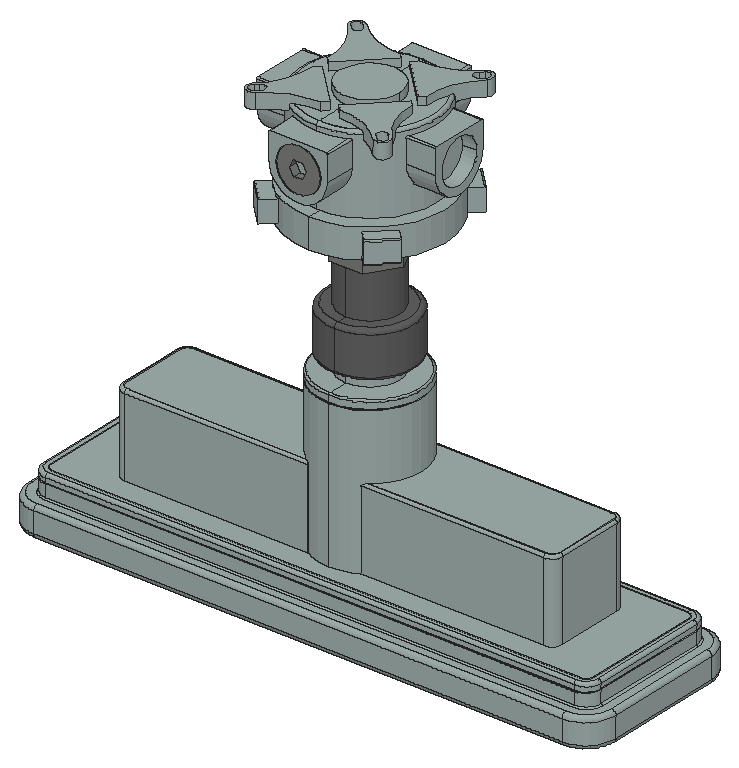
Revit family "EGLL2020-129A^22", category 照明器具, Revit 2020
Family settings
  丸型コネクタ寸法 = 直径を使用
  パーツ タイプ = 標準
  作業面ベース = はい
  常に垂直 = いいえ
  ロード時にボイドで切り取り = いいえ
  光源 = いいえ
  共有 = いいえ
  部屋計算ポイント = はい
Parameters
  既定の高さ = 1219.2 mm
  電源種別_記号 = "AC"
  電源種別 = "一般"
  製造元 = "伊東電機株式会社(ITO DENKI CO.,LTD.)"
  製品質量 = 6.60 kg
  色温度 = "5000"
  形式2 = ""
  形式1 = "直付形"
  平均演色評価数(Ra) = 83
  定格消費電力（200V時最大） = 0 W
  定格消費電力（200V時平均） = 20.8 W
  定格光束(lm) = 3340 lm
  呼称 = ""
  仕上色 = マンセル7.5BG6/1.5
  光源寿命 = "60000"
  仕様 = ""
  ランプの種類 = "LED"
  カタログ番号 = "HS001107"
  Width = 0 mm
  Height = 0 mm
  Depth = 0 mm
  Clearance Top = 0 mm
  Clearance Right = 0 mm
  Clearance Left = 0 mm
  Clearance Front = 0 mm
  Clearance Bottom = 0 mm
  Clearance Back = 0 mm
Reference planes
  plane 1 "中心(正面/背面)": y = 0
  plane 2: z = 0
  plane 3 "中心(左/右)": x = 0
  plane 4: x = 199
  plane 5: x = -199
  plane 6: z = 314
  plane 7: z = 287
  plane 8: y = -60.5
  plane 9: y = 60.5
  plane 10: z = 234.333
  plane 11: y = -30
  plane 12: y = 30
  plane 13: x = 10
  plane 14: x = -10
  plane 15: y = 28
  plane 16: y = -28
  plane 17: x = -147
  plane 18: x = 147
Forms (mm)
  Extrusion 1, solid, material "強化ガラスt5"
    sketch origin (0, 0, 0) x (1, 0, 0) y (0, 1, 0)
      loop
        arc (-179, 50.5) -> (-186.071, 47.571) -> (-189, 40.5) r 10
        line (-189, 40.5) -> (-189, -40.5)
        arc (-189, -40.5) -> (-186.071, -47.571) -> (-179, -50.5) r 10
        line (-179, -50.5) -> (179, -50.5)
        arc (179, -50.5) -> (186.071, -47.571) -> (189, -40.5) r 10
        line (189, -40.5) -> (189, 40.5)
        arc (189, 40.5) -> (186.071, 47.571) -> (179, 50.5) r 10
        line (179, 50.5) -> (-179, 50.5)
    from 0 to 5
  Sweep 2, solid, material "マンセル7.5BG6/1.5" <- "仕上色"
    path origin (0, 0, 0) x (1, 0, 0) y (0, 1, 0)
      loop
        arc (-179, 60.5) -> (-193.142, 54.642) -> (-199, 40.5) r 20
        line (-199, 40.5) -> (-199, -40.5)
        arc (-199, -40.5) -> (-193.142, -54.642) -> (-179, -60.5) r 20
        line (-179, -60.5) -> (179, -60.5)
        arc (179, -60.5) -> (193.142, -54.642) -> (199, -40.5) r 20
        line (199, -40.5) -> (199, 40.5)
        arc (199, 40.5) -> (193.142, 54.642) -> (179, 60.5) r 20
        line (179, 60.5) -> (-179, 60.5)
    profile origin (0, 60.5, 0) x (0, 1, 0) y (0, 0, 1)
      loop
        arc (-3, 0) -> (-0.879, 0.879) -> (0, 3) r 3
        line (0, 3) -> (0, 17)
        arc (0, 17) -> (-0.879, 19.121) -> (-3, 20) r 3
        line (-3, 20) -> (-9, 20)
        arc (-9, 20) -> (-9.707, 20.293) -> (-10, 21) r 1
        line (-10, 21) -> (-10, 29) -> (-11, 29) -> (-11, 30) -> (-10, 30) -> (-10, 32.964)
        arc (-10, 32.964) -> (-10.596, 34.404) -> (-12.036, 35) r 2.036
        line (-12.036, 35) -> (-15, 35) -> (-15, 5) -> (-10, 5) -> (-10, 0) -> (-3, 0)
  Extrusion 3, solid, material "マンセル7.5BG6/1.5" <- "仕上色"
    sketch origin (0, 0, 0) x (1, 0, 0) y (0, 1, 0)
      loop
        arc (-179, 45.5) -> (-182.536, 44.036) -> (-184, 40.5) r 5
        line (-184, 40.5) -> (-184, -40.5)
        arc (-184, -40.5) -> (-182.536, -44.036) -> (-179, -45.5) r 5
        line (-179, -45.5) -> (179, -45.5)
        arc (179, -45.5) -> (182.536, -44.036) -> (184, -40.5) r 5
        line (184, -40.5) -> (184, 40.5)
        arc (184, 40.5) -> (182.536, 44.036) -> (179, 45.5) r 5
        line (179, 45.5) -> (-179, 45.5)
    from 30 to 35
  Revolve 4, solid, material "マンセル7.5BG6/1.5" <- "仕上色"
    sketch origin (0, 0, 0) x (0, 1, 0) y (0, 0, 1)
      loop
        line (0, 234.333) -> (0, 35) -> (35, 35) -> (35, 134) -> (34.2, 134) -> (34.2, 135) -> (35, 135) -> (35, 139)
        arc (35, 139) -> (34.707, 139.707) -> (34, 140) r 1
        line (34, 140) -> (20, 140) -> (20, 163.833) -> (15, 163.833) -> (15, 234.333) -> (0, 234.333)
      axis (0, 35) -> (0, 234.333)
    angle from 0 to 360
  Extrusion 5, solid, material "マンセル7.5BG6/1.5" <- "仕上色"
    sketch origin (0, 0, 0) x (1, 0, 0) y (0, 1, 0)
      loop
        line (18.028, 28) -> (18.028, -28) -> (142, -28)
        arc (142, -28) -> (145.536, -26.536) -> (147, -23) r 5
        line (147, -23) -> (147, 23)
        arc (147, 23) -> (145.536, 26.536) -> (142, 28) r 5
        line (142, 28) -> (18.028, 28)
      loop
        line (-18.028, 28) -> (-142, 28)
        arc (-142, 28) -> (-145.536, 26.536) -> (-147, 23) r 5
        line (-147, 23) -> (-147, -23)
        arc (-147, -23) -> (-145.536, -26.536) -> (-142, -28) r 5
        line (-142, -28) -> (-18.028, -28) -> (-18.028, 28)
    from 35 to 90
  Revolve 6, solid, material "橡膠、黑色"
    sketch origin (0, 0, -26.167) x (0, 1, 0) y (0, 0, 1)
      loop
        line (30, 177.167) -> (30, 203.167)
        arc (30, 203.167) -> (29.121, 205.288) -> (27, 206.167) r 3
        line (27, 206.167) -> (20, 206.167) -> (20, 236.167) -> (15, 236.167) -> (15, 201.167) -> (25, 201.167) -> (25, 176.167) -> (29, 176.167)
        arc (29, 176.167) -> (29.707, 176.46) -> (30, 177.167) r 1
      axis (0, 236.167) -> (0, 176.167)
    angle from 0 to 360
  Extrusion 7, solid, material "金屬"
    sketch origin (0, 0, -26.167) x (1, 0, 0) y (0, 1, 0)
      loop
        circle (0, 0) r 15
      loop
        line (-11.547, 20) -> (-23.094, 0) -> (-11.547, -20) -> (11.547, -20) -> (23.094, 0) -> (11.547, 20) -> (-11.547, 20)
    from 236.167 to 246.167
  Extrusion 8, solid, material "マンセル7.5BG6/1.5" <- "仕上色"
    sketch origin (0, 0, -10.707) x (1, 0, 0) y (0, 1, 0)
      loop
        circle (0, 0) r 15
      loop
        line (-11.547, 20) -> (-23.094, 0) -> (-11.547, -20) -> (11.547, -20) -> (23.094, 0) -> (11.547, 20) -> (-11.547, 20)
    from 230.707 to 245.04
  Revolve 9, solid, material "マンセル7.5BG6/1.5" <- "仕上色"
    sketch origin (0, 0, 0) x (0, 1, 0) y (0, 0, 1)
      loop
        line (0, 234.333) -> (40.322, 234.333) -> (40.322, 236.333) -> (41.322, 236.333) -> (41.322, 234.333) -> (51.322, 234.333) -> (51.322, 254.333) -> (30, 254.333) -> (30, 256.333) -> (45, 256.333) -> (45, 307)
        arc (45, 307) -> (44.414, 308.414) -> (43, 309) r 2
        line (43, 309) -> (0, 309) -> (0, 234.333)
      axis (0, 234.333) -> (0, 309)
    angle from 0 to 360
  Extrusion 10, solid, material "マンセル7.5BG6/1.5" <- "仕上色"
    sketch origin (0, 0, 0) x (-0.707107, 0.707107, 0) y (0, 0, 1)
      loop
        line (50.338, 251.833) -> (50.338, 236.833) -> (60, 236.833)
        arc (60, 236.833) -> (60.354, 236.98) -> (60.5, 237.333) r 0.5
        line (60.5, 237.333) -> (60.5, 251.333)
        arc (60.5, 251.333) -> (60.354, 251.687) -> (60, 251.833) r 0.5
        line (60, 251.833) -> (50.338, 251.833)
      loop
        line (-50.338, 251.833) -> (-60, 251.833)
        arc (-60, 251.833) -> (-60.354, 251.687) -> (-60.5, 251.333) r 0.5
        line (-60.5, 251.333) -> (-60.5, 237.333)
        arc (-60.5, 237.333) -> (-60.354, 236.98) -> (-60, 236.833) r 0.5
        line (-60, 236.833) -> (-50.338, 236.833) -> (-50.338, 251.833)
    from -10 to 10
  Extrusion 11, solid, material "マンセル7.5BG6/1.5" <- "仕上色"
    sketch origin (0, 0, 0) x (0.707107, 0.707107, 0) y (0, 0, 1)
      loop
        line (50.338, 251.833) -> (50.338, 236.833) -> (60, 236.833)
        arc (60, 236.833) -> (60.354, 236.98) -> (60.5, 237.333) r 0.5
        line (60.5, 237.333) -> (60.5, 251.333)
        arc (60.5, 251.333) -> (60.354, 251.687) -> (60, 251.833) r 0.5
        line (60, 251.833) -> (50.338, 251.833)
      loop
        line (-50.338, 251.833) -> (-60, 251.833)
        arc (-60, 251.833) -> (-60.354, 251.687) -> (-60.5, 251.333) r 0.5
        line (-60.5, 251.333) -> (-60.5, 237.333)
        arc (-60.5, 237.333) -> (-60.354, 236.98) -> (-60, 236.833) r 0.5
        line (-60, 236.833) -> (-50.338, 236.833) -> (-50.338, 251.833)
    from -10 to 10
  Extrusion 12, solid, material "マンセル7.5BG6/1.5" <- "仕上色"
    sketch origin (0, 0, 0) x (0, 1, 0) y (0, 0, -1)
      loop
        line (-20, -287) -> (-20, -303)
        arc (-20, -303) -> (-19.707, -303.707) -> (-19, -304) r 1
        line (-19, -304) -> (19, -304)
        arc (19, -304) -> (19.707, -303.707) -> (20, -303) r 1
        line (20, -303) -> (20, -287)
        arc (20, -287) -> (0, -267) -> (-20, -287) r 20
    from 40.311 to 60.5
  Extrusion 13, void
    sketch origin (0, 0, 0) x (0, 1, 0) y (0, 0, -1)
      loop
        circle (0, -287) r 15
    from 50.338 to 60.5
  Extrusion 14, solid, material "マンセル7.5BG6/1.5" <- "仕上色"
    sketch origin (0, 0, 0) x (1, 0, 0) y (0, 1, 0)
      loop
        arc (45.975, 41.025) -> (45.975, 45.975) -> (41.025, 45.975) r 3.5
        line (41.025, 45.975) -> (38.904, 43.854)
        arc (38.904, 43.854) -> (38.904, 38.904) -> (43.854, 38.904) r 3.5
        line (43.854, 38.904) -> (45.975, 41.025)
      loop
        arc (39.947, 47.053) -> (24.583, 36.897) -> (6.468, 33.574) r 46.051
        line (6.468, 33.574) -> (2.933, 30.038) -> (30.038, 2.933) -> (33.574, 6.468)
        arc (33.574, 6.468) -> (36.897, 24.583) -> (47.053, 39.947) r 46.051
        arc (47.053, 39.947) -> (47.053, 47.053) -> (39.947, 47.053) r 5.024
      loop
        line (-45.975, 41.025) -> (-43.854, 38.904)
        arc (-43.854, 38.904) -> (-38.904, 38.904) -> (-38.904, 43.854) r 3.5
        line (-38.904, 43.854) -> (-41.025, 45.975)
        arc (-41.025, 45.975) -> (-45.975, 45.975) -> (-45.975, 41.025) r 3.5
      loop
        arc (-39.947, 47.053) -> (-47.053, 47.053) -> (-47.053, 39.947) r 5.024
        arc (-47.053, 39.947) -> (-36.897, 24.583) -> (-33.574, 6.468) r 46.051
        line (-33.574, 6.468) -> (-30.038, 2.933) -> (-2.933, 30.038) -> (-6.468, 33.574)
        arc (-6.468, 33.574) -> (-24.583, 36.897) -> (-39.947, 47.053) r 46.051
      loop
        line (45.975, -41.025) -> (43.854, -38.904)
        arc (43.854, -38.904) -> (38.904, -38.904) -> (38.904, -43.854) r 3.5
        line (38.904, -43.854) -> (41.025, -45.975)
        arc (41.025, -45.975) -> (45.975, -45.975) -> (45.975, -41.025) r 3.5
      loop
        arc (39.947, -47.053) -> (47.053, -47.053) -> (47.053, -39.947) r 5.024
        arc (47.053, -39.947) -> (36.897, -24.583) -> (33.574, -6.468) r 46.051
        line (33.574, -6.468) -> (30.038, -2.933) -> (2.933, -30.038) -> (6.468, -33.574)
        arc (6.468, -33.574) -> (24.583, -36.897) -> (39.947, -47.053) r 46.051
      loop
        arc (-45.975, -41.025) -> (-45.975, -45.975) -> (-41.025, -45.975) r 3.5
        line (-41.025, -45.975) -> (-38.904, -43.854)
        arc (-38.904, -43.854) -> (-38.904, -38.904) -> (-43.854, -38.904) r 3.5
        line (-43.854, -38.904) -> (-45.975, -41.025)
      loop
        arc (-39.947, -47.053) -> (-24.583, -36.897) -> (-6.468, -33.574) r 46.051
        line (-6.468, -33.574) -> (-2.933, -30.038) -> (-30.038, -2.933) -> (-33.574, -6.468)
        arc (-33.574, -6.468) -> (-36.897, -24.583) -> (-47.053, -39.947) r 46.051
        arc (-47.053, -39.947) -> (-47.053, -47.053) -> (-39.947, -47.053) r 5.024
      loop
        circle (0, 0) r 20
    from 304 to 314
  Extrusion 15, solid, material "マンセル7.5BG6/1.5" <- "仕上色"
    sketch origin (0, 0, 0) x (0, 1, 0) y (0, 0, 1)
      loop
        arc (-20, 287) -> (0, 267) -> (20, 287) r 20
        line (20, 287) -> (20, 303)
        arc (20, 303) -> (19.707, 303.707) -> (19, 304) r 1
        line (19, 304) -> (-19, 304)
        arc (-19, 304) -> (-19.707, 303.707) -> (-20, 303) r 1
        line (-20, 303) -> (-20, 287)
    from 40.311 to 60.5
  Extrusion 16, void
    sketch origin (0, 0, 0) x (0, 1, 0) y (0, 0, 1)
      loop
        circle (0, 287) r 15
    from 50.338 to 60.5
  Extrusion 17, solid, material "マンセル7.5BG6/1.5" <- "仕上色"
    sketch origin (0, 0, 0) x (1, 0, 0) y (0, 0, -1)
      loop
        line (-20, -287) -> (-20, -303)
        arc (-20, -303) -> (-19.707, -303.707) -> (-19, -304) r 1
        line (-19, -304) -> (19, -304)
        arc (19, -304) -> (19.707, -303.707) -> (20, -303) r 1
        line (20, -303) -> (20, -287)
        arc (20, -287) -> (0, -267) -> (-20, -287) r 20
    from 40.311 to 60.5
  Extrusion 18, void
    sketch origin (0, 0, 0) x (1, 0, 0) y (0, 0, -1)
      loop
        circle (0, -287) r 15
    from 50.338 to 60.5
  Extrusion 19, solid, material "マンセル7.5BG6/1.5" <- "仕上色"
    sketch origin (0, 0, 0) x (1, 0, 0) y (0, 0, 1)
      loop
        arc (-20, 287) -> (-14.142, 272.858) -> (0, 267) r 20
        arc (0, 267) -> (13.793, 272.507) -> (20, 286) r 20.026
        line (20, 286) -> (20, 303)
        arc (20, 303) -> (19.707, 303.707) -> (19, 304) r 1
        line (19, 304) -> (-19, 304)
        arc (-19, 304) -> (-19.707, 303.707) -> (-20, 303) r 1
        line (-20, 303) -> (-20, 287)
    from 40.311 to 60.5
  Extrusion 20, void
    sketch origin (0, 0, 0) x (1, 0, 0) y (0, 0, 1)
      loop
        circle (0, 287) r 15
    from 50.338 to 60.5
  Sweep 21, solid, material "マンセル7.5BG6/1.5" <- "仕上色"
    path origin (0, 0, 0) x (1, 0, 0) y (0, 1, 0)
      loop
        line (18.028, -28) -> (142, -28)
        arc (142, -28) -> (145.536, -26.536) -> (147, -23) r 5
        line (147, -23) -> (147, 23)
        arc (147, 23) -> (145.536, 26.536) -> (142, 28) r 5
        line (142, 28) -> (18.028, 28)
    profile origin (80.014, -28, 0) x (0, 1, 0) y (0, 0, 1)
      loop
        line (0, 35) -> (0, 90)
        arc (0, 90) -> (-1.414, 89.414) -> (-2, 88) r 2
        line (-2, 88) -> (-2, 35) -> (0, 35)
  Sweep 22, solid, material "マンセル7.5BG6/1.5" <- "仕上色"
    path origin (0, 0, 0) x (-1, 0, 0) y (0, 1, 0)
      loop
        line (18.028, -28) -> (142, -28)
        arc (142, -28) -> (145.536, -26.536) -> (147, -23) r 5
        line (147, -23) -> (147, 23)
        arc (147, 23) -> (145.536, 26.536) -> (142, 28) r 5
        line (142, 28) -> (18.028, 28)
    profile origin (-80.014, -28, 0) x (0, -1, 0) y (0, 0, 1)
      loop
        line (0, 35) -> (2, 35) -> (2, 88)
        arc (2, 88) -> (1.414, 89.414) -> (0, 90) r 2
        line (0, 90) -> (0, 35)
  Extrusion 23, solid, material "金屬"
    sketch origin (0, 0, 0) x (1, 0, 0) y (0, 0, 1)
      loop
        circle (0, 287) r 15
      loop
        line (-2.887, 292) -> (-5.774, 287) -> (-2.887, 282) -> (2.887, 282) -> (5.774, 287) -> (2.887, 292) -> (-2.887, 292)
    from 55.681 to 60.5
Cuts and joins
  Extrusion 13 cuts Revolve 9
  Extrusion 13 cuts Extrusion 10
  Extrusion 13 cuts Extrusion 11
  joined: Revolve 9, Extrusion 10, Extrusion 11
  Extrusion 13, Extrusion 16, Extrusion 18 cuts Extrusion 12
  Extrusion 16, Extrusion 20 cuts Extrusion 15
  Extrusion 18 cuts Extrusion 17
  Extrusion 20 cuts Extrusion 19
Dimensions and locks
  plane 8 to plane 1 "中心(正面/背面)" to plane 9 = 60.5 mm, 60.5 mm
  plane 8 to plane 9 = 121 mm
  equal spacing: plane 4, plane 3 "中心(左/右)", plane 5
  plane 4 to plane 5 = 398 mm
  plane 6 to plane 7 = 27 mm
  locked: plane 6 to level at 314
  aligned and locked: level to plane 2
Automatic sketch dimensions
  plane 5 to Extrusion 1 sketch curve = 10 mm
  Extrusion 1 sketch curve to Extrusion 1 sketch curve = 10 mm  (x2)
  Extrusion 1 sketch curve to plane 4 = 20 mm  (x2)
  plane 11 to Extrusion 1 sketch curve = 10.5 mm
  Extrusion 1 sketch curve to plane 4 = 10 mm
  Extrusion 1 sketch curve to plane 12 = 10.5 mm
  Sweep 2 sketch curve to plane 5 = 0 mm
  plane 8 to Sweep 2 sketch curve = 0 mm
  plane 9 to Sweep 2 sketch curve = 0 mm
  Sweep 2 sketch curve to plane 4 = 0 mm
  plane 5 to Sweep 2 sketch curve = 20 mm  (x2)
  plane 11 to Sweep 2 sketch curve = 10.5 mm
  Sweep 2 sketch curve to plane 4 = 20 mm
  Sweep 2 sketch curve to level = 0 mm
  Sweep 2 sketch curve to profile plane = 0 mm
  profile plane to Sweep 2 sketch curve = 3 mm
  Sweep 2 sketch curve to Sweep 2 sketch curve = 3 mm
  Sweep 2 sketch curve to Sweep 2 sketch curve = 6 mm
  Sweep 2 sketch curve to Sweep 2 sketch curve = 7 mm
  Sweep 2 sketch curve to Sweep 2 sketch curve = 1 mm  (x3)
  Sweep 2 sketch curve to Sweep 2 sketch curve = 0 mm
  Sweep 2 sketch curve to Sweep 2 sketch curve = 2.036 mm
  Sweep 2 sketch curve to Sweep 2 sketch curve = 2.964 mm  (x2)
  level to Sweep 2 sketch curve = 5 mm
  Sweep 2 sketch curve to Sweep 2 sketch curve = 12 mm
  Sweep 2 sketch curve to Sweep 2 sketch curve = 8 mm
  plane 5 to Extrusion 3 sketch curve = 15 mm
  Extrusion 3 sketch curve to Extrusion 3 sketch curve = 5 mm  (x3)
  Extrusion 3 sketch curve to plane 4 = 20 mm  (x2)
  plane 11 to Extrusion 3 sketch curve = 10.5 mm
  Extrusion 3 sketch curve to plane 12 = 10.5 mm
  Revolve 4 sketch curve to plane 1 "中心(正面/背面)" = 0 mm  (x2)
  Revolve 4 sketch curve to plane 10 = 0 mm
  Revolve 4 sketch curve to plane 1 "中心(正面/背面)" = 15 mm
  Revolve 4 sketch curve to Revolve 4 sketch curve = 5 mm
  Revolve 4 sketch curve to plane 12 = 4 mm
  Revolve 4 sketch curve to Revolve 4 sketch curve = 0.8 mm  (x2)
  Revolve 4 sketch curve to plane 12 = 5 mm
  Revolve 4 sketch curve to Revolve 4 sketch curve = 4 mm
  Revolve 4 sketch curve to Revolve 4 sketch curve = 1 mm
  level to Revolve 4 sketch curve = 35 mm
  plane 10 to Revolve 4 sketch curve = 20 mm
  Revolve 4 sketch curve to Revolve 4 sketch curve = 10 mm
  Extrusion 5 sketch curve to plane 17 = 0 mm
  plane 16 to Extrusion 5 sketch curve = 0 mm  (x2)
  plane 15 to Extrusion 5 sketch curve = 0 mm  (x2)
  Extrusion 5 sketch curve to plane 18 = 0 mm
  plane 15 to Extrusion 5 sketch curve = 5 mm  (x2)
  Extrusion 5 sketch curve to plane 16 = 5 mm  (x2)
  Extrusion 5 sketch curve to plane 14 = 8.028 mm
  plane 13 to Extrusion 5 sketch curve = 8.028 mm
  Revolve 6 sketch curve to plane 1 "中心(正面/背面)" = 0 mm
  Revolve 6 sketch curve to plane 12 = 0 mm
  Revolve 6 sketch curve to plane 1 "中心(正面/背面)" = 15 mm
  Revolve 6 sketch curve to Revolve 6 sketch curve = 5 mm  (x2)
  plane 12 to Revolve 6 sketch curve = 5 mm
  Revolve 6 sketch curve to Revolve 6 sketch curve = 2 mm  (x2)
  plane 12 to Revolve 6 sketch curve = 1 mm
  plane 1 "中心(正面/背面)" to Extrusion 7 sketch curve = 0 mm  (x3)
  Extrusion 7 sketch curve to plane 3 "中心(左/右)" = 0 mm
  Extrusion 7 sketch curve to plane 14 = 1.547 mm  (x2)
  Extrusion 7 sketch curve to plane 14 = 13.094 mm
  plane 13 to Extrusion 7 sketch curve = 1.547 mm  (x2)
  plane 13 to Extrusion 7 sketch curve = 13.094 mm
  Extrusion 7 sketch curve to plane 11 = 10 mm
  plane 12 to Extrusion 7 sketch curve = 10 mm
  plane 1 "中心(正面/背面)" to Extrusion 8 sketch curve = 0 mm  (x3)
  Extrusion 8 sketch curve to plane 3 "中心(左/右)" = 0 mm
  Extrusion 8 sketch curve to plane 14 = 1.547 mm  (x2)
  Extrusion 8 sketch curve to plane 14 = 13.094 mm
  plane 13 to Extrusion 8 sketch curve = 1.547 mm  (x2)
  plane 13 to Extrusion 8 sketch curve = 13.094 mm
  Extrusion 8 sketch curve to plane 11 = 10 mm
  plane 12 to Extrusion 8 sketch curve = 10 mm
  Revolve 9 sketch curve to plane 1 "中心(正面/背面)" = 0 mm  (x2)
  Revolve 9 sketch curve to plane 12 = 0 mm
  Revolve 9 sketch curve to plane 10 = 0 mm  (x2)
  Revolve 9 sketch curve to plane 12 = 10.322 mm
  Revolve 9 sketch curve to Revolve 9 sketch curve = 1 mm
  Revolve 9 sketch curve to plane 12 = 13 mm
  Revolve 9 sketch curve to plane 12 = 15 mm
  plane 9 to Revolve 9 sketch curve = 9.178 mm
  plane 10 to Revolve 9 sketch curve = 2 mm
  plane 10 to Revolve 9 sketch curve = 20 mm
  Revolve 9 sketch curve to Revolve 9 sketch curve = 2 mm
  Revolve 9 sketch curve to plane 6 = 7 mm
  plane 6 to Revolve 9 sketch curve = 10 mm
  Revolve 9 sketch curve to Revolve 9 sketch curve = 10 mm
  Extrusion 12 sketch curve to plane 7 = 0 mm
  Extrusion 12 sketch curve to plane 1 "中心(正面/背面)" = 0 mm
  Extrusion 12 sketch curve to plane 11 = 11 mm
  Extrusion 12 sketch curve to Extrusion 12 sketch curve = 1 mm  (x2)
  Extrusion 12 sketch curve to plane 6 = 11 mm
  Extrusion 13 sketch curve to plane 1 "中心(正面/背面)" = 0 mm
  Extrusion 13 sketch curve to plane 7 = 0 mm
  Extrusion 15 sketch curve to plane 7 = 0 mm
  Extrusion 15 sketch curve to plane 1 "中心(正面/背面)" = 0 mm
  Extrusion 15 sketch curve to plane 11 = 11 mm
  Extrusion 15 sketch curve to Extrusion 15 sketch curve = 1 mm  (x2)
  Extrusion 15 sketch curve to plane 6 = 11 mm
  Extrusion 16 sketch curve to plane 1 "中心(正面/背面)" = 0 mm
  Extrusion 16 sketch curve to plane 7 = 0 mm
  Extrusion 17 sketch curve to plane 7 = 0 mm
  Extrusion 17 sketch curve to plane 3 "中心(左/右)" = 0 mm
  Extrusion 17 sketch curve to plane 14 = 9 mm
  Extrusion 17 sketch curve to Extrusion 17 sketch curve = 1 mm  (x2)
  Extrusion 17 sketch curve to plane 6 = 11 mm
  Extrusion 18 sketch curve to plane 3 "中心(左/右)" = 0 mm
  Extrusion 18 sketch curve to plane 7 = 0 mm
  Extrusion 20 sketch curve to plane 3 "中心(左/右)" = 0 mm
  Extrusion 20 sketch curve to plane 7 = 0 mm
  Sweep 21 sketch curve to plane 11 = 7 mm
  Sweep 21 sketch curve to plane 4 = 57 mm
  plane 12 to Sweep 21 sketch curve = 2 mm
  Sweep 21 sketch curve to Sweep 21 sketch curve = 0 mm
  Sweep 21 sketch curve to Sweep 21 sketch curve = 5 mm
  plane 13 to Sweep 21 sketch curve = 8.028 mm  (x2)
  Sweep 21 sketch curve to profile plane = 0 mm
  profile plane to Sweep 21 sketch curve = 2 mm
  level to Sweep 21 sketch curve = 35 mm
  Sweep 21 sketch curve to Sweep 21 sketch curve = 53 mm
  plane 11 to Sweep 22 sketch curve = 7 mm
  Sweep 22 sketch curve to plane 5 = 57 mm
  Sweep 22 sketch curve to plane 12 = 2 mm
  Sweep 22 sketch curve to Sweep 22 sketch curve = 0 mm
  Sweep 22 sketch curve to Sweep 22 sketch curve = 5 mm
  plane 14 to Sweep 22 sketch curve = 8.028 mm  (x2)
  Sweep 22 sketch curve to profile plane = 0 mm
  Sweep 22 sketch curve to Sweep 22 sketch curve = 2 mm
  level to Sweep 22 sketch curve = 35 mm
  Sweep 22 sketch curve to Sweep 22 sketch curve = 53 mm
  Revolve 4 sketch curve to Revolve 4 sketch curve = 99 mm
  Revolve 4 sketch curve to Revolve 4 sketch curve = 23.833 mm
  Revolve 6 sketch curve to plane 10 = 84.333 mm
  Revolve 6 sketch curve to Revolve 6 sketch curve = 24 mm
  Revolve 6 sketch curve to plane 10 = 24.333 mm
  Revolve 6 sketch curve to Revolve 6 sketch curve = 6 mm
  Extrusion 23 sketch curve to plane 3 "中心(左/右)" = 0 mm
  Extrusion 23 sketch curve to plane 7 = 0 mm
  plane 10 to Extrusion 10 sketch curve = 17 mm
  Extrusion 10 sketch curve to Extrusion 10 sketch curve = 0.5 mm  (x3)
  plane 10 to Extrusion 10 sketch curve = 2.5 mm  (x2)
  Extrusion 10 sketch curve to Extrusion 10 sketch curve = 9.662 mm  (x3)
  plane 10 to Extrusion 10 sketch curve = 17.5 mm
  Extrusion 10 sketch curve to Extrusion 10 sketch curve = 100.676 mm
  plane 10 to Extrusion 11 sketch curve = 17 mm
  Extrusion 11 sketch curve to Extrusion 11 sketch curve = 0.5 mm  (x3)
  plane 10 to Extrusion 11 sketch curve = 2.5 mm  (x2)
  Extrusion 11 sketch curve to Extrusion 11 sketch curve = 9.662 mm  (x3)
  plane 10 to Extrusion 11 sketch curve = 17.5 mm
  Extrusion 11 sketch curve to Extrusion 11 sketch curve = 100.676 mm
  Extrusion 14 sketch curve to Extrusion 14 sketch curve = 0 mm  (x18)
  plane 1 "中心(正面/背面)" to Extrusion 14 sketch curve = 0 mm
  Extrusion 14 sketch curve to plane 3 "中心(左/右)" = 0 mm
  Extrusion 14 sketch curve to plane 12 = 0.038 mm  (x2)
  Extrusion 14 sketch curve to plane 3 "中心(左/右)" = 2.933 mm  (x2)
  plane 11 to Extrusion 14 sketch curve = 0.038 mm  (x2)
  plane 14 to Extrusion 14 sketch curve = 3.532 mm  (x2)
  plane 14 to Extrusion 14 sketch curve = 2.616 mm  (x2)
  Extrusion 14 sketch curve to plane 1 "中心(正面/背面)" = 2.933 mm  (x2)
  Extrusion 14 sketch curve to plane 14 = 20.038 mm
  plane 1 "中心(正面/背面)" to Extrusion 14 sketch curve = 2.933 mm  (x2)
  plane 1 "中心(正面/背面)" to Extrusion 14 sketch curve = 6.468 mm  (x2)
  Extrusion 14 sketch curve to plane 1 "中心(正面/背面)" = 6.468 mm  (x2)
  plane 11 to Extrusion 14 sketch curve = 13.854 mm  (x2)
  Extrusion 14 sketch curve to plane 14 = 28.904 mm  (x2)
  Extrusion 14 sketch curve to plane 12 = 13.854 mm  (x2)
  Extrusion 14 sketch curve to plane 8 = 14.525 mm  (x2)
  Extrusion 14 sketch curve to Extrusion 14 sketch curve = 2.121 mm  (x12)
  plane 9 to Extrusion 14 sketch curve = 14.525 mm  (x2)
  Extrusion 14 sketch curve to Extrusion 14 sketch curve = 2.475 mm  (x8)
  plane 11 to Extrusion 14 sketch curve = 8.904 mm  (x2)
  Extrusion 14 sketch curve to plane 12 = 8.904 mm  (x2)
  plane 11 to Extrusion 14 sketch curve = 11.025 mm  (x2)
  Extrusion 14 sketch curve to plane 12 = 11.025 mm  (x2)
  Extrusion 14 sketch curve to plane 1 "中心(正面/背面)" = 7.384 mm  (x2)
  Extrusion 14 sketch curve to Extrusion 14 sketch curve = 46.042 mm  (x2)
  plane 3 "中心(左/右)" to Extrusion 14 sketch curve = 2.933 mm  (x2)
  Extrusion 14 sketch curve to plane 13 = 3.532 mm  (x2)
  Extrusion 14 sketch curve to plane 13 = 2.616 mm  (x2)
  plane 13 to Extrusion 14 sketch curve = 20.038 mm
  plane 13 to Extrusion 14 sketch curve = 28.904 mm  (x2)
  plane 1 "中心(正面/背面)" to Extrusion 14 sketch curve = 7.384 mm  (x2)
  plane 8 to Extrusion 14 sketch curve = 19.116 mm
  Extrusion 14 sketch curve to plane 9 = 19.116 mm
  Extrusion 19 sketch curve to plane 7 = 0 mm
  Extrusion 19 sketch curve to plane 3 "中心(左/右)" = 0 mm
  Extrusion 19 sketch curve to plane 14 = 9 mm
  Extrusion 19 sketch curve to plane 14 = 10 mm
  plane 13 to Extrusion 19 sketch curve = 9 mm
  Extrusion 19 sketch curve to Extrusion 19 sketch curve = 1 mm
  Extrusion 19 sketch curve to plane 6 = 11 mm
  Extrusion 19 sketch curve to Extrusion 19 sketch curve = 0 mm
  radius of Extrusion 7 sketch curve = 15 mm
  radius of Extrusion 8 sketch curve = 15 mm
  radius of Extrusion 13 sketch curve = 15 mm
  radius of Extrusion 16 sketch curve = 15 mm
  radius of Extrusion 18 sketch curve = 15 mm
  radius of Extrusion 20 sketch curve = 15 mm
  radius of Extrusion 23 sketch curve = 15 mm
  radius of Extrusion 14 sketch curve = 20 mm
Nested families
  nested 1: "EXICL1022ASA9-22_ies" at (0.001, -0.033, -1500.07), type "EXICL1022ASA9-22_ies"
Connectors
  electrical at (0, 0, 314)
    settings: on Extrusion 14, index 4, voltage 0 V, apparent load 0 VA, apparent load phase1 0 VA, apparent load phase2 0 VA, apparent load phase3 0 VA, power factor 1, load classification "其他", number of poles 1, system type 31, power factor state 1, is connector primary yes, connector utility no, sub classification motor no, connector description ""
Definition of nested family "EXICL1022ASA9-22_ies"
  Parameters (values of type "EXICL022SA9-0_ies")
    Default Elevation = 1219.2 mm
    Wattage = 22.4852 W
    built-in parameter 1150110 = 1 (stored number, unit not read)
    built-in parameter 1114217 = 1 (stored number, unit not read)
    built-in parameter 1150109 = 1 (stored number, unit not read)
    built-in parameter 1150134 = 2
    built-in parameter 1150113 = 1 (stored number, unit not read)
    Lumens = 3340 lm
    built-in parameter 1150115 = 1 (stored number, unit not read)
    built-in parameter 1150105 = 265.79 (stored number, unit not read)
    built-in parameter 1150137 = (empty or 0)
    built-in parameter 1150139 = (empty or 0)
    built-in parameter 1150112 = 1 (stored number, unit not read)
    built-in parameter 1150114 = 1 (stored number, unit not read)
    built-in parameter 1150132 = 2
    built-in parameter 1150102 = (empty or 0)
    built-in parameter 1150138 = (empty or 0)
    built-in parameter 1150107 = 5000 (stored number, unit not read)
    built-in parameter 1150106 = 2.6579 (stored number, unit not read)
    built-in parameter 1150104 = 13.8 (stored number, unit not read)
    Dimming Lamp Color Temperature Shift = (empty or 0)
    Color Filter = 16777215
    built-in parameter 1114218 = 1 (stored number, unit not read)
    built-in parameter 1150133 = 10 (stored number, unit not read)
    Photometric Web File = "EXICL022SA9(S)-0_LED.ies"
    Tilt Angle = 90.00°
  Reference planes
    plane 1 "光源軸(正面/背面)": y = 0
    plane 2: z = 0
    plane 3 "光源軸(左/右)": x = 0
    plane 4 "光源高さ": z = 1500
  Dimensions and locks
    aligned and locked: plane 3 "光源軸(左/右)" to imposter light
    aligned and locked: plane 1 "光源軸(正面/背面)" to imposter light
    aligned and locked: plane 4 "光源高さ" to imposter light
    aligned and locked: level to plane 2
